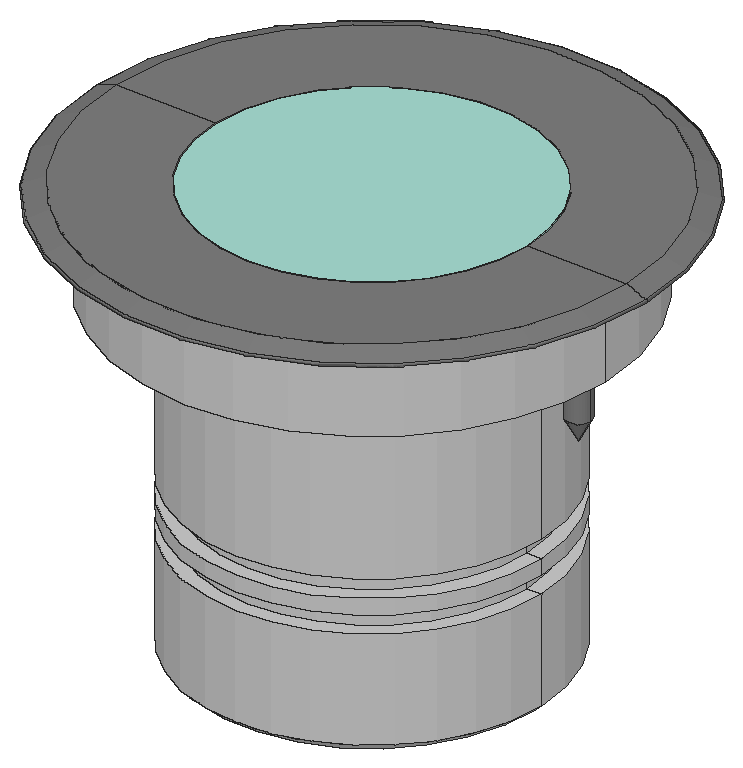
Revit family "Bright 3.G", category Lighting Fixtures, host Face, Revit 2017 (continued)
Types (8, lengths in mm): name | Wattage | Power | Photometric Web File | Optics | built-in parameter 1150142 | built-in parameter 1150105 | Lumens | built-in parameter 1150106 | Apparent Load Phase 1
  Bright 3.G M 20° (3000K 9W 24Vdc) | 4.30181 W | "9W" | "BRIGHT 3.G M 20° [3000K 9W 24Vdc].IES" | "20° tiltable ±10°" | "IESNA:LM-63-2002\r\n[TEST] 20190704-1112\r\n[TESTLAB] L&L\r\n[TESTDATE] 4 Jul 2019\r\n[ISSUEDATE] 4 Jul 2019\r\n[MANUFAC] L&L\r\n[LUMCAT] BRIGHT 3.G M 20° [3000K 9W 24Vdc]\r\n[LUMINAIRE] BRIGHT 3.G M 20° [3000K 9W 24Vdc]\r\n[FLASHAREA] 0.000304\r\n[LAMPCAT] PowerLED High Intesity\r\n[LAMP] PowerLED High Intesity\r\nTILT=NONE\r\n1 481.00 1.0 181 1 1 2 -0.040 -0.040 0.000\r\n1.00 1.00 9.00\r\n0.00 1.00 2.00 3.00 4.00 5.00 6.00 7.00 8.00 9.00 10.00 \r\n11.00 12.00 13.00 14.00 15.00 16.00 17.00 18.00 19.00 \r\n20.00 21.00 22.00 23.00 24.00 25.00 26.00 27.00 28.00 \r\n29.00 30.00 31.00 32.00 33.00 34.00 35.00 36.00 37.00 \r\n38.00 39.00 40.00 41.00 42.00 43.00 44.00 45.00 46.00 \r\n47.00 48.00 49.00 50.00 51.00 52.00 53.00 54.00 55.00 \r\n56.00 57.00 58.00 59.00 60.00 61.00 62.00 63.00 64.00 \r\n65.00 66.00 67.00 68.00 69.00 70.00 71.00 72.00 73.00 \r\n74.00 75.00 76.00 77.00 78.00 79.00 80.00 81.00 82.00 \r\n83.00 84.00 85.00 86.00 87.00 88.00 89.00 90.00 91.00 \r\n92.00 93.00 94.00 95.00 96.00 97.00 98.00 99.00 100.00 \r\n101.00 102.00 103.00 104.00 105.00 106.00 107.00 108.00 \r\n109.00 110.00 111.00 112.00 113.00 114.00 115.00 116.00 \r\n117.00 118.00 119.00 120.00 121.00 122.00 123.00 124.00 \r\n125.00 126.00 127.00 128.00 129.00 130.00 131.00 132.00 \r\n133.00 134.00 135.00 136.00 137.00 138.00 139.00 140.00 \r\n141.00 142.00 143.00 144.00 145.00 146.00 147.00 148.00 \r\n149.00 150.00 151.00 152.00 153.00 154.00 155.00 156.00 \r\n157.00 158.00 159.00 160.00 161.00 162.00 163.00 164.00 \r\n165.00 166.00 167.00 168.00 169.00 170.00 171.00 172.00 \r\n173.00 174.00 175.00 176.00 177.00 178.00 179.00 180.00 \r\n0.00 \r\n3097.22 3074.23 3009.88 2906.92 2768.26 2600.46 2405.62 \r\n2191.33 1965.83 1735.62 1508.33 1293.93 1090.02 908.46 \r\n755.54 624.40 515.61 425.53 353.08 294.93 248.26 210.63 \r\n180.20 154.91 134.00 116.24 101.21 88.48 77.60 68.28 \r\n60.34 53.41 47.37 42.16 37.55 33.45 29.74 26.33 23.07 \r\n20.06 17.17 14.36 11.78 9.50 7.59 6.01 4.82 4.00 3.41 \r\n2.94 2.51 2.13 1.81 1.51 1.26 1.04 0.87 0.72 0.61 0.53 \r\n0.46 0.42 0.39 0.36 0.33 0.31 0.29 0.27 0.25 0.23 0.21 \r\n0.20 0.18 0.17 0.16 0.14 0.13 0.12 0.11 0.09 0.08 0.07 \r\n0.06 0.05 0.04 0.03 0.02 0.01 0.01 0.00 0.00 0.00 0.00 \r\n0.00 0.00 0.00 0.00 0.00 0.00 0.00 0.00 0.00 0.00 0.00 \r\n0.00 0.00 0.00 0.00 0.00 0.00 0.00 0.00 0.00 0.00 0.00 \r\n0.00 0.00 0.00 0.00 0.00 0.00 0.00 0.00 0.00 0.00 0.00 \r\n0.00 0.00 0.00 0.00 0.00 0.00 0.00 0.00 0.00 0.00 0.00 \r\n0.00 0.00 0.00 0.00 0.00 0.00 0.00 0.00 0.00 0.00 0.00 \r\n0.00 0.00 0.00 0.00 0.00 0.00 0.00 0.00 0.00 0.00 0.00 \r\n0.00 0.00 0.00 0.00 0.00 0.00 0.00 0.00 0.00 0.00 0.00 \r\n0.00 0.00 0.00 0.00 0.00 0.00 0.00 0.00 0.00 0.00 0.00 \r\n" | 687.67 (stored number, unit not read) | 639 lm | 6.8767 (stored number, unit not read) | 9 W
  Bright 3.G S 12° (3000K 9W 24Vdc) | 4.30181 W | "9W" | "BRIGHT 3.G S 12° [3000K 9W 24Vdc].IES" | "12° tiltable ±10°" | "IESNA:LM-63-2002\r\n[TEST] 20190704-1517\r\n[TESTLAB] L&L\r\n[TESTDATE] 4 Jul 2019\r\n[ISSUEDATE] 4 Jul 2019\r\n[MANUFAC] L&L\r\n[LUMCAT] BRIGHT 3.G S 12° [3000K 9W 24Vdc]\r\n[LUMINAIRE] BRIGHT 3.G S 12° [3000K 9W 24Vdc]\r\n[FLASHAREA] 0.000304\r\n[LAMPCAT] PowerLED High Intesity\r\n[LAMP] PowerLED High Intesity\r\nTILT=NONE\r\n1 506.00 1.0 181 1 1 2 -0.040 -0.040 0.000\r\n1.00 1.00 9.00\r\n0.00 1.00 2.00 3.00 4.00 5.00 6.00 7.00 8.00 9.00 10.00 \r\n11.00 12.00 13.00 14.00 15.00 16.00 17.00 18.00 19.00 \r\n20.00 21.00 22.00 23.00 24.00 25.00 26.00 27.00 28.00 \r\n29.00 30.00 31.00 32.00 33.00 34.00 35.00 36.00 37.00 \r\n38.00 39.00 40.00 41.00 42.00 43.00 44.00 45.00 46.00 \r\n47.00 48.00 49.00 50.00 51.00 52.00 53.00 54.00 55.00 \r\n56.00 57.00 58.00 59.00 60.00 61.00 62.00 63.00 64.00 \r\n65.00 66.00 67.00 68.00 69.00 70.00 71.00 72.00 73.00 \r\n74.00 75.00 76.00 77.00 78.00 79.00 80.00 81.00 82.00 \r\n83.00 84.00 85.00 86.00 87.00 88.00 89.00 90.00 91.00 \r\n92.00 93.00 94.00 95.00 96.00 97.00 98.00 99.00 100.00 \r\n101.00 102.00 103.00 104.00 105.00 106.00 107.00 108.00 \r\n109.00 110.00 111.00 112.00 113.00 114.00 115.00 116.00 \r\n117.00 118.00 119.00 120.00 121.00 122.00 123.00 124.00 \r\n125.00 126.00 127.00 128.00 129.00 130.00 131.00 132.00 \r\n133.00 134.00 135.00 136.00 137.00 138.00 139.00 140.00 \r\n141.00 142.00 143.00 144.00 145.00 146.00 147.00 148.00 \r\n149.00 150.00 151.00 152.00 153.00 154.00 155.00 156.00 \r\n157.00 158.00 159.00 160.00 161.00 162.00 163.00 164.00 \r\n165.00 166.00 167.00 168.00 169.00 170.00 171.00 172.00 \r\n173.00 174.00 175.00 176.00 177.00 178.00 179.00 180.00 \r\n0.00 \r\n6299.56 6210.38 5854.41 5310.19 4608.27 3890.30 3165.68 \r\n2526.33 1964.74 1528.39 1190.81 943.35 754.57 620.22 \r\n521.54 445.06 385.51 334.19 293.02 256.34 225.14 197.75 \r\n175.32 155.20 137.85 122.37 109.30 97.69 87.41 78.42 \r\n70.60 63.79 57.56 52.07 46.79 41.83 36.98 32.93 29.28 \r\n26.02 22.48 18.56 14.54 11.03 8.32 6.36 5.01 4.06 3.41 \r\n2.85 2.40 2.01 1.69 1.40 1.16 0.96 0.79 0.64 0.53 0.44 \r\n0.38 0.34 0.31 0.28 0.26 0.24 0.22 0.21 0.19 0.18 0.16 \r\n0.15 0.14 0.13 0.12 0.11 0.10 0.09 0.08 0.07 0.06 0.06 \r\n0.05 0.04 0.03 0.03 0.02 0.02 0.01 0.01 0.00 0.00 0.00 \r\n0.00 0.00 0.00 0.00 0.00 0.00 0.00 0.00 0.00 0.00 0.00 \r\n0.00 0.00 0.00 0.00 0.00 0.00 0.00 0.00 0.00 0.00 0.00 \r\n0.00 0.00 0.00 0.00 0.00 0.00 0.00 0.00 0.00 0.00 0.00 \r\n0.00 0.00 0.00 0.00 0.00 0.00 0.00 0.00 0.00 0.00 0.00 \r\n0.00 0.00 0.00 0.00 0.00 0.00 0.00 0.00 0.00 0.00 0.00 \r\n0.00 0.00 0.00 0.00 0.00 0.00 0.00 0.00 0.00 0.00 0.00 \r\n0.00 0.00 0.00 0.00 0.00 0.00 0.00 0.00 0.00 0.00 0.00 \r\n0.00 0.00 0.00 0.00 0.00 0.00 0.00 0.00 0.00 0.00 0.00 \r\n" | 687.67 (stored number, unit not read) | 639 lm | 6.8767 (stored number, unit not read) | 9 W
